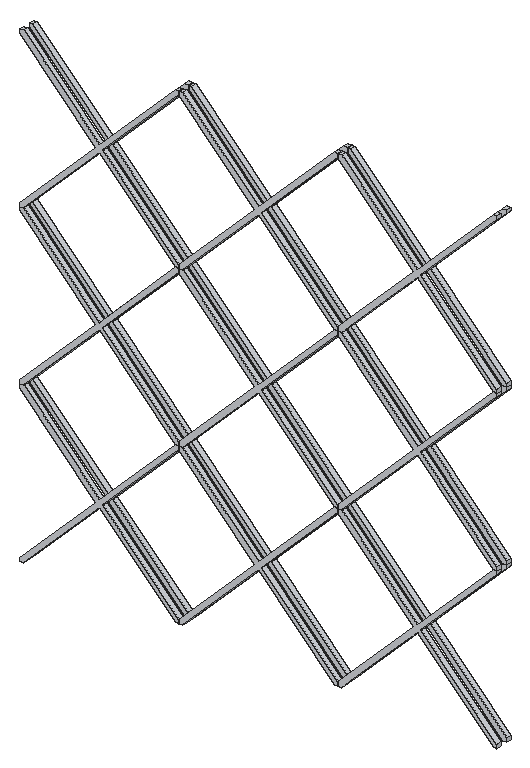
Revit family "03d74d1156ff49419a754499a2ddee6b", category Generic Models, Revit 2021
Family settings
  Can host rebar = No
  Round Connector Dimension = Use Diameter
  Part Type = Normal
  Work Plane-Based = No
  Always vertical = Yes
  Cut with Voids When Loaded = No
  Shared = Yes
  Room Calculation Point = No
Parameters
  Width [instance] = 4' - 0"
  Thickness = 0' - 0 1/2"
  Height [instance] = 4' - 0"
  Interior Material [instance] = none
  Exterior Material [instance] = none
  Distance = 0' - 0 3/4"
  Default Elevation = 0' - 0"
Reference planes (in)
  plane 1 "Center (Front/Back)": y = 0
  plane 2: z = 0
  plane 3 "Center (Left/Right)": x = 0
  plane 4: z = 48
  plane 5: x = -24
  plane 6: x = 24
  plane 7: z = 32
  plane 8: z = 16
  plane 9: x = -8
  plane 10: x = 8
Dimensions and locks (in)
  equal spacing: plane 6, plane 3 "Center (Left/Right)", plane 5
  "Width": plane 6 to plane 5
  "Height": plane 4 to plane 2
  equal spacing: plane 4, plane 7, plane 8, plane 2
  equal spacing: plane 6, plane 10, plane 9, plane 5
  aligned and locked: plane 2 to level
  aligned and locked: plane 1 "Center (Front/Back)" to nested 1
  aligned and locked: plane 1 "Center (Front/Back)" to nested 2
  aligned and locked: plane 1 "Center (Front/Back)" to nested 3
  aligned and locked: plane 1 "Center (Front/Back)" to nested 4
  aligned and locked: plane 1 "Center (Front/Back)" to nested 5
  aligned and locked: plane 1 "Center (Front/Back)" to nested 6
  aligned and locked: plane 1 "Center (Front/Back)" to nested 7
  aligned and locked: plane 1 "Center (Front/Back)" to nested 8
  aligned and locked: plane 1 "Center (Front/Back)" to nested 9
  aligned and locked: plane 9 to nested 3
  aligned and locked: plane 9 to nested 2
  aligned and locked: plane 9 to nested 1
  aligned and locked: plane 5 to nested 1
  aligned and locked: plane 5 to nested 3
  aligned and locked: plane 5 to nested 2
  aligned and locked: plane 2 to nested 3
  aligned and locked: plane 8 to nested 3
  aligned and locked: plane 8 to nested 1
  aligned and locked: plane 7 to nested 1
  aligned and locked: plane 7 to nested 2
  aligned and locked: plane 4 to nested 2
  aligned and locked: plane 2 to nested 7
  aligned and locked: plane 8 to nested 7
  aligned and locked: plane 8 to nested 8
  aligned and locked: plane 7 to nested 8
  aligned and locked: plane 7 to nested 9
  aligned and locked: plane 4 to nested 9
  aligned and locked: plane 9 to nested 9
  aligned and locked: plane 9 to nested 8
  aligned and locked: plane 9 to nested 7
  aligned and locked: plane 10 to nested 7
  aligned and locked: plane 10 to nested 8
  aligned and locked: plane 10 to nested 9
  aligned and locked: plane 10 to nested 4
  aligned and locked: plane 10 to nested 6
  aligned and locked: plane 10 to nested 5
  aligned and locked: plane 6 to nested 6
  aligned and locked: plane 6 to nested 4
  aligned and locked: plane 6 to nested 5
  aligned and locked: plane 2 to nested 6
  aligned and locked: plane 8 to nested 6
  aligned and locked: plane 8 to nested 4
  aligned and locked: plane 7 to nested 4
  aligned and locked: plane 7 to nested 5
  aligned and locked: plane 4 to nested 5
Nested families (in)
  nested 1: "Muntin Pattern_Diamond" at (-16, 0, 16), Exterior Material <- "Exterior Material", Interior Material <- "Interior Material", type "Muntin Pattern_Diamond"
    with W 1' - 4", Interior Material none, H 1' - 4", Exterior Material none
  nested 2: "Muntin Pattern_Diamond" at (-16, 0, 32), Exterior Material <- "Exterior Material", Interior Material <- "Interior Material", type "Muntin Pattern_Diamond"
    with W 1' - 4", Interior Material none, H 1' - 4", Exterior Material none
  nested 3: "Muntin Pattern_Diamond" at (-16, 0, 0), Exterior Material <- "Exterior Material", Interior Material <- "Interior Material", type "Muntin Pattern_Diamond"
    with W 1' - 4", Interior Material none, H 1' - 4", Exterior Material none
  nested 4: "Muntin Pattern_Diamond" at (16, 0, 16), Exterior Material <- "Exterior Material", Interior Material <- "Interior Material", type "Muntin Pattern_Diamond"
    with W 1' - 4", Interior Material none, H 1' - 4", Exterior Material none
  nested 5: "Muntin Pattern_Diamond" at (16, 0, 32), Exterior Material <- "Exterior Material", Interior Material <- "Interior Material", type "Muntin Pattern_Diamond"
    with W 1' - 4", Interior Material none, H 1' - 4", Exterior Material none
  nested 6: "Muntin Pattern_Diamond" at (16, 0, 0), Exterior Material <- "Exterior Material", Interior Material <- "Interior Material", type "Muntin Pattern_Diamond"
    with W 1' - 4", Interior Material none, H 1' - 4", Exterior Material none
  nested 7: "Muntin Pattern_Diamond" at (0, 0, 0), Exterior Material <- "Exterior Material", Interior Material <- "Interior Material", type "Muntin Pattern_Diamond"
    with W 1' - 4", Interior Material none, H 1' - 4", Exterior Material none
  nested 8: "Muntin Pattern_Diamond" at (0, 0, 16), Exterior Material <- "Exterior Material", Interior Material <- "Interior Material", type "Muntin Pattern_Diamond"
    with W 1' - 4", Interior Material none, H 1' - 4", Exterior Material none
  nested 9: "Muntin Pattern_Diamond" at (0, 0, 32), Exterior Material <- "Exterior Material", Interior Material <- "Interior Material", type "Muntin Pattern_Diamond"
    with W 1' - 4", Interior Material none, H 1' - 4", Exterior Material none
Definition of nested family "Muntin Pattern_Diamond"
  Parameters (values of type "Muntin Pattern_Diamond")
    W [instance] = 4' - 0"
    Thickness = 0' - 0 1/2"
    H [instance] = 4' - 0"
    Interior Material [instance] = none
    Distance = 0' - 0 3/4"
    Exterior Material [instance] = none
    Default Elevation = 0' - 0"
  Reference planes (in)
    plane 1 "Center (Front/Back)": y = 0
    plane 2: z = 0
    plane 3 "Center (Left/Right)": x = 0
    plane 4: z = 48
    plane 5: x = -24
    plane 6: x = 24
    plane 7: z = 24
    plane 8: y = 0.375
    plane 9: y = -0.375
    plane 10: y = 0.875
    plane 11: y = -0.875
  Forms (in)
    Extrusion 1, solid, material <- "Exterior Material", detail levels fine
      sketch origin (-24, 0, 48) x (0.707107, 0, -0.707107) y (0.707107, 0, 0.707107)
        loop
          line (0, 0.25) -> (0, -0.25) -> (67.88225, -0.25) -> (67.88225, 0.25) -> (0, 0.25)
      from -0.875 to -0.375
    Extrusion 2, solid, material <- "Exterior Material", detail levels fine
      sketch origin (24, 0, 48) x (-0.707107, 0, -0.707107) y (0.707107, 0, -0.707107)
        loop
          line (67.88225, 0.25) -> (0, 0.25) -> (0, -0.25) -> (67.88225, -0.25) -> (67.88225, 0.25)
      from -0.875 to -0.375
    Extrusion 3, void
      sketch origin (0, 0, 0) x (1, 0, 0) y (0, 0, 1)
        loop
          line (-24, 48) -> (-24, 0) -> (24, 0) -> (24, 48) -> (-24, 48)
        loop
          line (-24.5, 48.5) -> (-24.5, -0.5) -> (24.5, -0.5) -> (24.5, 48.5) -> (-24.5, 48.5)
      from -0.875 to 0.875
    Extrusion 4, solid, material <- "Interior Material", detail levels fine
      sketch origin (-24, 0, 48) x (0.707107, 0, -0.707107) y (0.707107, 0, 0.707107)
        loop
          line (0, 0.25) -> (0, -0.25) -> (67.88225, -0.25) -> (67.88225, 0.25) -> (0, 0.25)
      from 0.375 to 0.875
    Extrusion 5, solid, material <- "Interior Material", detail levels fine
      sketch origin (24, 0, 48) x (-0.707107, 0, -0.707107) y (0.707107, 0, -0.707107)
        loop
          line (0, -0.25) -> (67.88225, -0.25) -> (67.88225, 0.25) -> (0, 0.25) -> (0, -0.25)
      from 0.375 to 0.875
  Cuts and joins
    Extrusion 3 cuts Extrusion 1
    Extrusion 3 cuts Extrusion 2
    joined: Extrusion 1, Extrusion 2
    Extrusion 3 cuts Extrusion 4
    Extrusion 3 cuts Extrusion 5
    joined: Extrusion 4, Extrusion 5
  Lines and regions (in)
    reference lines
      curve 1: line (-24, 0, 48) -> (24, 0, 0)
      curve 2: line (24, 0, 48) -> (-24, 0, 0)
      curve 3: line (-24, 0, 48) -> (-17.98959, 0, 54.01041)
      curve 4: line (24, 0, 0) -> (31.6014, 0, 7.6014)
      curve 5: line (-21.20495, 0, 44.8514) -> (16.78122, 0, 6.86522)
      curve 6: line (-20.8514, 0, 45.20495) -> (17.13478, 0, 7.21878)
      curve 7: line (24, 0, 48) -> (18.87348, 0, 53.12652)
      curve 8: line (-24, 0, 0) -> (-28.24264, 0, 4.24264)
      curve 9: line (-23.82322, 0, -0.17678) -> (22.31549, 0, 45.96194)
      curve 10: line (-24.17678, 0, 0.17678) -> (21.96194, 0, 46.31549)
    model lines, detail levels medium
      curve 11: line (24, 0.375, 0) -> (-24, 0.375, 48)
      curve 12: line (24, 0.375, 48) -> (-24, 0.375, 0)
      curve 13: line (24, -0.375, 0) -> (-24, -0.375, 48)
      curve 14: line (24, -0.375, 48) -> (-24, -0.375, 0)
  Dimensions and locks (in)
    equal spacing: plane 6, plane 3 "Center (Left/Right)", plane 5
    "W": plane 6 to plane 5
    "H": plane 4 to plane 2
    equal spacing: plane 4, plane 7, plane 2
    equal spacing: curve 5, curve 1, curve 6
    "Thickness": curve 5 to curve 6
    equal spacing: curve 9, curve 2, curve 10
    "Thickness": curve 9 to curve 10
    "Thickness": Extrusion 3 sketch curve to plane 6
    "Thickness": plane 2 to Extrusion 3 sketch curve
    "Thickness": plane 5 to Extrusion 3 sketch curve
    "Thickness": Extrusion 3 sketch curve to plane 4
    "Distance": plane 8 to plane 9
    equal spacing: plane 8, plane 1 "Center (Front/Back)", plane 9
    "Thickness": plane 10 to plane 8
    "Thickness": plane 9 to plane 11
    locked: curve 1 to curve 3 (angle 90.00°)
    locked: curve 4 to curve 1 (angle 90.00°)
    locked: curve 7 to curve 2 (angle 90.00°)
    locked: curve 2 to curve 8 (angle 90.00°)
    aligned and locked: plane 2 to level
    aligned and locked: plane 4 to curve 1
    aligned and locked: plane 5 to curve 1
    aligned and locked: plane 2 to curve 2
    aligned and locked: plane 5 to curve 2
    aligned and locked: plane 6 to curve 1
    aligned and locked: plane 2 to curve 1
    aligned and locked: plane 6 to curve 2
    aligned and locked: plane 4 to curve 2
    aligned and locked: plane 4 to curve 3
    aligned and locked: plane 5 to curve 3
    aligned and locked: plane 6 to curve 4
    aligned and locked: plane 2 to curve 4
    aligned and locked: Extrusion 1 sketch curve to curve 5
    aligned and locked: Extrusion 1 sketch curve to curve 3
    aligned and locked: Extrusion 1 sketch curve to curve 6
    aligned and locked: curve 6 to Extrusion 1 sketch curve
    aligned and locked: curve 5 to Extrusion 1 sketch curve
    aligned and locked: Extrusion 1 sketch curve to curve 4
    aligned and locked: curve 4 to Extrusion 1 sketch curve
    aligned and locked: plane 5 to curve 8
    aligned and locked: plane 2 to curve 8
    aligned and locked: plane 6 to curve 7
    aligned and locked: plane 4 to curve 7
    aligned and locked: Extrusion 2 sketch curve to curve 10  (x2)
    aligned and locked: Extrusion 2 sketch curve to curve 8  (x2)
    aligned and locked: curve 9 to Extrusion 2 sketch curve  (x2)
    aligned and locked: curve 7 to Extrusion 2 sketch curve
    aligned and locked: plane 5 to Extrusion 3 sketch curve
    aligned and locked: Extrusion 3 sketch curve to plane 4
    aligned and locked: Extrusion 3 sketch curve to plane 6
    aligned and locked: plane 2 to Extrusion 3 sketch curve
    aligned and locked: plane 10 to cut or joined group of Extrusion 1, Extrusion 2, Extrusion 3  (x2)
    aligned and locked: cut or joined group of Extrusion 1, Extrusion 2, Extrusion 3 to plane 8  (x2)
    aligned and locked: plane 10 to Extrusion 3
    aligned and locked: Extrusion 3 to plane 11
    aligned and locked: curve 3 to Extrusion 4 sketch curve
    aligned and locked: Extrusion 4 sketch curve to curve 3
    aligned and locked: Extrusion 4 sketch curve to curve 6
    aligned and locked: Extrusion 4 sketch curve to curve 5
    aligned and locked: Extrusion 4 sketch curve to curve 4
    aligned and locked: curve 6 to Extrusion 4 sketch curve
    aligned and locked: curve 5 to Extrusion 4 sketch curve
    aligned and locked: Extrusion 5 sketch curve to curve 9
    aligned and locked: Extrusion 5 sketch curve to curve 10
    aligned and locked: Extrusion 5 sketch curve to curve 7  (x2)
    aligned and locked: Extrusion 5 sketch curve to curve 8  (x2)
    aligned and locked: curve 9 to Extrusion 5 sketch curve
    aligned and locked: curve 10 to Extrusion 5 sketch curve
    aligned and locked: Extrusion 4 to plane 11
    aligned and locked: Extrusion 5 to plane 11
    aligned and locked: plane 9 to Extrusion 4
    aligned and locked: plane 9 to Extrusion 5
    aligned and locked: plane 2 to curve 11
    aligned and locked: plane 6 to curve 11
    aligned and locked: plane 5 to curve 11
    aligned and locked: plane 4 to curve 11
    aligned and locked: plane 5 to curve 12
    aligned and locked: plane 2 to curve 12
    aligned and locked: plane 4 to curve 12
    aligned and locked: plane 6 to curve 12
    aligned and locked: plane 2 to curve 13
    aligned and locked: plane 6 to curve 13
    aligned and locked: plane 4 to curve 14
    aligned and locked: plane 6 to curve 14
    aligned and locked: plane 4 to curve 13
    aligned and locked: plane 5 to curve 13
    aligned and locked: plane 2 to curve 14
    aligned and locked: plane 5 to curve 14
  Automatic sketch dimensions
    curve 1 to curve 6 = 0' - 4.20279"
    curve 1 to curve 5 = 0' - 4.20279"
    curve 5 to curve 1 = 0' - 9.95889"
    curve 6 to curve 5 = 0' - 0"
    curve 2 to curve 9 = 0' - 0"
    curve 2 to curve 9 = 0' - 2.63225"
    curve 2 to curve 10 = 0' - 2.63225"
